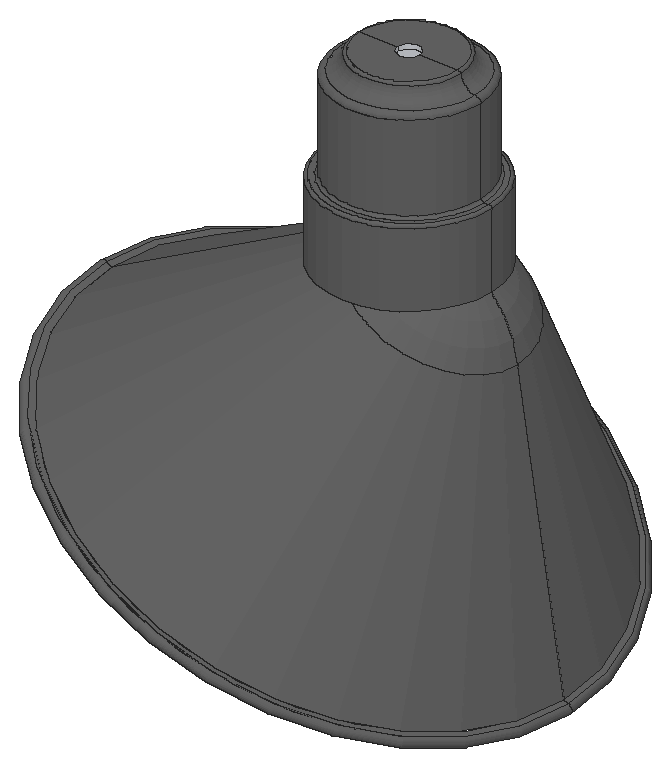
Revit family "A812 SHADE", category Lighting Fixtures, Revit 2024
Family settings
  Round Connector Dimension = Use Diameter
  Part Type = Normal
  OmniClass Number = 23.80.70.00
  OmniClass Title = Lighting
  Work Plane-Based = No
  Always vertical = Yes
  Cut with Voids When Loaded = No
  Light Source = Yes
  Maintain Annotation Orientation = No
  Shared = No
  Room Calculation Point = No
Parameters
  Wattage = 12.1178 W
  built-in parameter 1150110 = 1 (stored number, unit not read)
  built-in parameter 1114217 = 1 (stored number, unit not read)
  built-in parameter 1150109 = 1 (stored number, unit not read)
  built-in parameter 1150134 = (empty or 0)
  built-in parameter 1150113 = 1 (stored number, unit not read)
  Lumens = 1800 lm
  built-in parameter 1150115 = 1 (stored number, unit not read)
  built-in parameter 1150105 = 572.96 (stored number, unit not read)
  Light Source Symbol Size = 2' - 0"
  built-in parameter 1150137 = (empty or 0)
  built-in parameter 1150139 = (empty or 0)
  built-in parameter 1150112 = 1 (stored number, unit not read)
  built-in parameter 1150114 = 1 (stored number, unit not read)
  built-in parameter 1150132 = 2
  built-in parameter 1150102 = (empty or 0)
  built-in parameter 1150138 = (empty or 0)
  built-in parameter 1150107 = 3000 (stored number, unit not read)
  built-in parameter 1150106 = 5.7296 (stored number, unit not read)
  built-in parameter 1150104 = 13.8 (stored number, unit not read)
  Dimming Lamp Color Temperature Shift = (empty or 0)
  Default Elevation = 0' - 0"
  Color Filter = 16777215
  built-in parameter 1114218 = 1 (stored number, unit not read)
  built-in parameter 1150133 = 10 (stored number, unit not read)
Reference planes (in)
  plane 1 "Light Source Axis (F/B)": y = 0
  plane 2: z = 0
  plane 3 "Light Source Axis (L/R)": x = 0
  plane 4 "Light Source Elevation": z = 84
Forms (in)
  Revolve 1, solid
    sketch origin (0, 0, 4.25033) x (1, 0, 0) y (0, 0, 1)
      loop
        line (-0.25, 91.99957) -> (-1.11274, 91.99957)
        arc (-1.11274, 91.99957) -> (-1.15406, 91.98395) -> (-1.17474, 91.94491) r 0.0625
        arc (-1.17474, 91.94491) -> (-1.28152, 91.72879) -> (-1.49903, 91.62488) r 0.36863
        arc (-1.49903, 91.62488) -> (-1.58742, 91.58826) -> (-1.62403, 91.49988) r 0.125
        line (-1.62403, 91.49988) -> (-1.62403, 89.56185)
        arc (-1.62403, 89.56185) -> (-1.64234, 89.51765) -> (-1.68653, 89.49935) r 0.0625
        line (-1.68653, 89.49935) -> (-1.81086, 89.4993)
        arc (-1.81086, 89.4993) -> (-1.85505, 89.48099) -> (-1.87336, 89.4368) r 0.0625
        line (-1.87336, 89.4368) -> (-1.87336, 87.74927) -> (-1.77961, 87.74927) -> (-1.77961, 89.40555) -> (-1.68653, 89.40555)
        arc (-1.68653, 89.40555) -> (-1.57605, 89.45136) -> (-1.53028, 89.56185) r 0.15625
        line (-1.53028, 89.56185) -> (-1.53028, 91.49988)
        arc (-1.53028, 91.49988) -> (-1.51995, 91.5231) -> (-1.49577, 91.53096) r 0.03125
        arc (-1.49577, 91.53096) -> (-1.22835, 91.65002) -> (-1.08602, 91.90582) r 0.46238
        line (-1.08602, 91.90582) -> (-0.25, 91.90582) -> (-0.25, 91.99957)
      axis (0, 91.99957) -> (0, 87.74927)
    angle from 0 to 360
  Revolve 2, solid
    sketch origin (0, 0, 0) x (1, 0, 0) y (0, 0, 1)
      loop
        arc (2.47432, 90.74115) -> (2.2581, 91.41792) -> (1.85016, 91.99961) r 2.35875
        line (1.85016, 91.99961) -> (1.71793, 91.99961)
        arc (1.71793, 91.99961) -> (2.1534, 91.41699) -> (2.38174, 90.72639) r 2.265
        line (2.38174, 90.72639) -> (3.41803, 84.22475) -> (3.47212, 84.19726)
        arc (3.47212, 84.19726) -> (3.58902, 84.00331) -> (3.61898, 84.22777) r 0.12
        line (3.61898, 84.22777) -> (3.50309, 84.28668) -> (2.47432, 90.74115)
      axis (-1.66523, 86.80853) -> (1.15338, 92.35378)
    angle from 0 to 360
Dimensions and locks (in)
  aligned and locked: plane 3 "Light Source Axis (L/R)" to imposter light
  aligned and locked: plane 1 "Light Source Axis (F/B)" to imposter light
  aligned and locked: plane 4 "Light Source Elevation" to imposter light
  aligned and locked: level to plane 2
